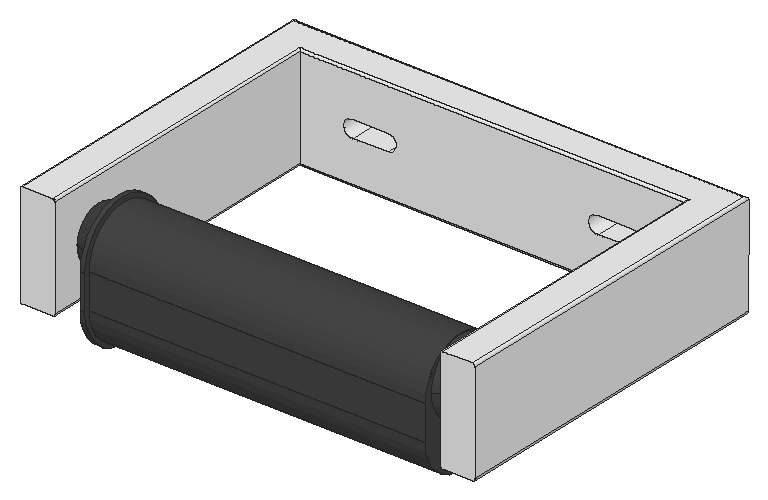
Revit family
Parameters (values of type "B-2730")
  URL = "http://www.bobrick.com/"
  Revised Date = "30/08/2013"
  Product URL = "http://www.bobrick.com/washroomaccessories/Pages/ProductDetails.aspx?Product+Number=B-273"
  Phone # = "416.250.5656"
  Model = "B-2730"
  Material = Cast Aluminum
  Manufacturer = "Bobrick"
  Designed By = "ATS BIM Team"
  Description = "Single-roll toilet tissue dispenser"
  Assembly Code = "E2020200"
Reference planes (in)
  plane 1 "Center (Front/Back)": y = 0
  plane 2: z = 0
  plane 3 "Center (Left/Right)": x = 0
  plane 4: z = 19.75
  plane 5: y = -4.875
  plane 6: y = -4.125
  plane 7: z = 18.25
  plane 8: z = 17.78022
  plane 9: z = 19
  plane 10: x = 3.25
  plane 11: x = -3.25
  plane 12: z = 18.25
  plane 13: x = -2.75
  plane 14: x = -1.75
  plane 15: x = 1.75
Forms (in)
  Sweep 1, solid, material "Cast Aluminum" <- "Material"
    path origin (3, 0, 0) x (1, 0, 0) y (0, 1, 0)
      loop
        line (-6.25, -4.875) -> (-6.25, 0) -> (0.25, 0) -> (0.25, -4.875)
    profile origin (-3.25, -2.4375, 0) x (-1, 0, 0) y (0, 0, 1)
      loop
        line (-0.03397, 19.75) -> (-0.46603, 19.75)
        arc (-0.46603, 19.75) -> (-0.49005, 19.74005) -> (-0.5, 19.71603) r 0.03397
        line (-0.5, 19.71603) -> (-0.5, 18.28397)
        arc (-0.5, 18.28397) -> (-0.49005, 18.25995) -> (-0.46603, 18.25) r 0.03397
        line (-0.46603, 18.25) -> (-0.03397, 18.25)
        arc (-0.03397, 18.25) -> (-0.00995, 18.25995) -> (0, 18.28397) r 0.03397
        line (0, 18.28397) -> (0, 19.71603)
        arc (0, 19.71603) -> (-0.00995, 19.74005) -> (-0.03397, 19.75) r 0.03397
  Extrusion 2, solid, material "ABS Plastic"
    sketch origin (3, 0, 0) x (0, 1, 0) y (0, 0, 1)
      loop
        line (-4.75, 18.90522) -> (-4.75, 18.40522)
        arc (-4.75, 18.40522) -> (-4.125, 17.78022) -> (-3.5, 18.40522) r 0.625
        line (-3.5, 18.40522) -> (-3.5, 18.90522)
        arc (-3.5, 18.90522) -> (-4.125, 19.53022) -> (-4.75, 18.90522) r 0.625
    from -5.37543 to -0.56207
  Blend 3, solid, material "ABS Plastic"
    base sketch origin (3, 0, 0) x (0, 1, 0) y (0, 0, 1)
      loop
        circle (-4.125, 19) r 0.375
    top sketch origin (3, 0, 0) x (0, 1, 0) y (0, 0, 1)
      loop
        circle (-4.125, 19) r 0.53022
    from -5.75 to -5.43793
  Extrusion 4, solid, material "ABS Plastic"
    sketch origin (3, 0, 0) x (0, 1, 0) y (0, 0, 1)
      loop
        arc (-3.4375, 18.90522) -> (-4.125, 19.59272) -> (-4.8125, 18.90522) r 0.6875
        line (-4.8125, 18.90522) -> (-4.8125, 18.40522)
        arc (-4.8125, 18.40522) -> (-4.125, 17.71772) -> (-3.4375, 18.40522) r 0.6875
        line (-3.4375, 18.40522) -> (-3.4375, 18.90522)
    from -5.44183 to -5.37543
  Blend 5, solid, material "ABS Plastic"
    base sketch origin (-3, 0, 0) x (0, 1, 0) y (0, 0, -1)
      loop
        circle (-4.125, -19) r 0.375
    top sketch origin (-3, 0, 0) x (0, 1, 0) y (0, 0, -1)
      loop
        circle (-4.125, -19) r 0.53022
    from -5.75 to -5.43793
  Extrusion 6, void
    sketch origin (3, 0, 0) x (1, 0, 0) y (0, 0, 1)
      loop
        arc (-5, 19.125) -> (-5.125, 19) -> (-5, 18.875) r 0.125
        line (-5, 18.875) -> (-4.5, 18.875)
        arc (-4.5, 18.875) -> (-4.375, 19) -> (-4.5, 19.125) r 0.125
        line (-4.5, 19.125) -> (-5, 19.125)
      loop
        arc (-1.5, 19.125) -> (-1.625, 19) -> (-1.5, 18.875) r 0.125
        line (-1.5, 18.875) -> (-1, 18.875)
        arc (-1, 18.875) -> (-0.875, 19) -> (-1, 19.125) r 0.125
        line (-1, 19.125) -> (-1.5, 19.125)
    from -2.03856 to 2.77674
Cuts and joins
  Extrusion 6 cuts Sweep 1
Dimensions and locks (in)
  plane 4 to plane 7 = 0' - 1 1/2"
  plane 4 to plane 9 = 0' - 0 3/4"
  plane 4 to level = 1' - 7 3/4"
  plane 5 to plane 1 "Center (Front/Back)" = 0' - 4 7/8"  (x2)
  plane 11 to plane 10 = 0' - 6 1/2"  (x2)
  plane 14 to plane 15 = 0' - 3 1/2"
  plane 1 "Center (Front/Back)" to plane 6 = 0' - 4 1/8"
